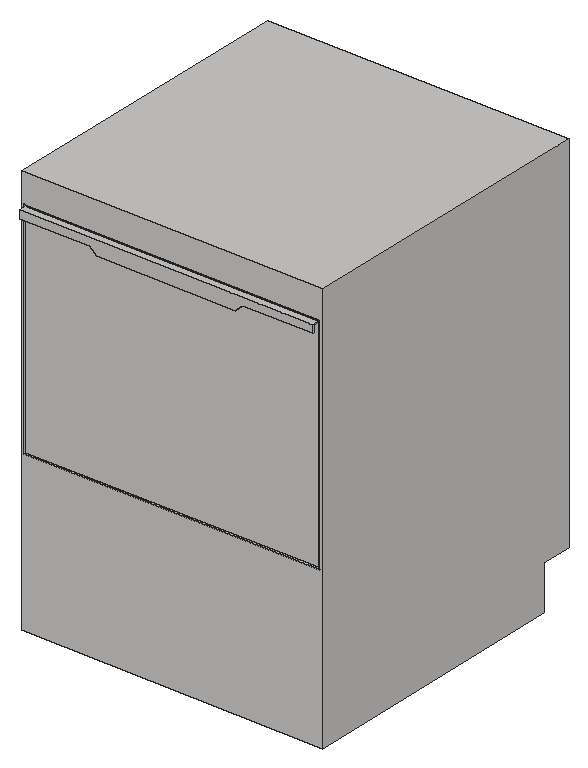
Revit family "QF_ELECTROLUXPROFESSIONAL_400258_NL3PPR", category Specialty Equipment, Revit 2018
Family settings
  Round Connector Dimension = Use Diameter
  Part Type = Normal
  Work Plane-Based = No
  Always vertical = Yes
  Cut with Voids When Loaded = No
  Shared = No
  Room Calculation Point = No
Parameters (values of type "Standard")
  Weight = 54.00 kg
  Watts = 0 W
  Volts = 400 V
  URL Manufacturer = "http://professional.electrolux.com"
  URL = "http://professional.electrolux.com"
  Steam Supply Size = 0 mm
  Steam Supply Minimum Pressure = 0.0 Pa
  Steam Supply Maximum Pressure = 0.0 Pa
  Steam Pounds per Hour = 0
  Show Logo [instance] = yes
  Show Clearance [instance] = yes
  Refrigeration Suction Line Size = 0 mm
  Refrigeration Liquid Line Size = 0 mm
  Refrigerant Compressor Remote = yes
  Manufacturer = "Electrolux Professional"
  Phase = 3
  Model = "NL3PPR"
  Length Actual = 600 mm  # constant formula
  Item Number = "400258"
  Hot Water Size = 19.05 mm
  Height Actual = 820 mm  # constant formula
  HP = "7.2 HP"
  Gas Size = 0 mm
  Gas KW = 0
  Gas Input Pressure = 0 W
  Direct Waste Size = 20.5 mm
  Description = "UNDERC.DW+POWER B+DRAIN PUMP,3PH,540D/H"
  Depth Actual = 648 mm  # constant formula
  Cycle = 50 Hz
  Condensate Return Size = 0 mm
  Compressed Air Volume = 0.0 L/s
  Compressed Air Size = 0 mm
  Compressed Air Pressure = 0.0 Pa
  Cold Water Size = 0 mm
  Accessory = yes
Reference planes
  plane 1 "Center (Front/Back)": y = 0
  plane 2: z = 0
  plane 3 "Center (Left/Right)": x = 0
  plane 4 "LEFT": x = -300
  plane 5 "RIGHT": x = 300
  plane 6 "FRONT": y = -306
  plane 7 "BACK": y = 306
  plane 8: x = -202.5
  plane 9: x = 202.5
  plane 10: z = 830
  plane 11: z = 10
Forms (mm)
  Extrusion 1, solid, material "QF_Finishes_Stainless Steel"
    sketch origin (0, 0, 0) x (1, 0, 0) y (0, 1, 0)
      loop
        line (-300, -306) -> (300, -306) -> (300, 245) -> (-300, 245) -> (-300, -306)
    from 10 to 830
  Extrusion 2, solid, material "QF_Finishes_Stainless Steel"
    sketch origin (0, 0, 0) x (1, 0, 0) y (0, 1, 0)
      loop
        line (-300, 245) -> (300, 245) -> (300, 306) -> (-300, 306) -> (-300, 245)
    from 100 to 830
  Extrusion 3, solid, material "QF_Finishes_Stainless Steel"
    sketch origin (0, 17.5, 0) x (1, 0, 0) y (0, 1, 0)
      loop
        circle (-254, 167.5) r 12.5
      loop
        circle (254, 167.5) r 12.5
      loop
        circle (-254, -263.5) r 12.5
      loop
        circle (254, -263.5) r 12.5
    from 0 to 10
  Extrusion 4, void
    sketch origin (-300, -306, 0) x (-1, 0, 0) y (0, 0, 1)
      loop
        line (-5, 773.217) -> (-595, 773.217) -> (-595, 327.335) -> (-5, 327.335) -> (-5, 773.217)
    from 0 to 30
  Extrusion 5, solid, material "QF_Finishes_Stainless Steel"
    sketch origin (-259, -389, 768) x (0, 0, -1) y (1, 0, 0)
      loop
        circle (693, 143) r 10
    from -634 to -695
  Extrusion 6, solid, material "QF_Door-Drawer Clearances", visible <- "Show Clearance", detail levels coarse
    sketch origin (-230, -282.5, 0) x (0, 1, 0) y (0, 0, -1)
      loop
        line (-23.5, -330.419) -> (-391.5, -330.419)
        arc (-391.5, -330.419) -> (-290.693, -619.855) -> (-23.5, -770) r 432.894
        line (-23.5, -770) -> (-23.5, -330.419)
    from 61.197 to -521.306
  Extrusion 7, solid, material "QF_Finishes_Stainless Steel"
    sketch origin (-315.481, -389, 738) x (0, 0, -1) y (1, 0, 0)
      loop
        circle (663, 252.481) r 8
    from -634 to -695
  Extrusion 8, solid, material "QF_Finishes_Stainless Steel"
    sketch origin (-230, -282.5, 0) x (0, 1, 0) y (0, 0, -1)
      loop
        line (-23.5, -330.419) -> (-23.5, -770) -> (1.5, -770) -> (1.5, -330.419) -> (-23.5, -330.419)
    from 61.197 to -521.306
  Extrusion 9, solid, material "QF_Finishes_Stainless Steel"
    sketch origin (-230, -297.5, 0) x (0, 1, 0) y (0, 0, -1)
      loop
        line (-8.5, -770) -> (-8.5, -767.514) -> (-21, -767.514) -> (-21, -741.25) -> (-23.5, -741.25) -> (-23.5, -770) -> (-8.5, -770)
    from 61.197 to -521.306
  Extrusion 10, void
    sketch origin (-230, -321, 770) x (0, 0, 1) y (1, 0, 0)
      loop
        line (-15.552, -61.197) -> (-15.552, 77.909) -> (-28.75, 91.107) -> (-28.75, -61.197) -> (-15.552, -61.197)
      loop
        line (-15.552, 521.197) -> (-28.75, 521.197) -> (-28.75, 368.893) -> (-15.552, 382.091) -> (-15.552, 521.197)
    from 0 to 2.5
  Extrusion 11, solid, material "QF_Finishes_Stainless Steel"
    sketch origin (-295.988, 885.897, 763.79) x (0, -1, 0) y (1, 0, 0)
      loop
        circle (611.5, 158) r 8
    from -663.79 to -673.79
Cuts and joins
  Extrusion 4 cuts Extrusion 1
  joined: Extrusion 1, Extrusion 2
  Extrusion 10 cuts Extrusion 8
  Extrusion 10 cuts Extrusion 9
Lines and regions (mm)
  Split face 1
    outline origin (-300, -306, 830) x (0, 0, -1) y (1, 0, 0)
      loop
        line (21.579, 283.75) -> (39.683, 283.75) -> (39.683, 316.25) -> (21.579, 316.25) -> (21.579, 283.75)
  Split face 2
    outline origin (-300, -306, 830) x (0, 0, -1) y (1, 0, 0)
      loop
        line (56.783, 595) -> (56.783, 600)
      loop
        arc (56.783, 412.5) -> (28.391, 440.891) -> (0, 412.5) r 28.391
  symbolic lines
    curve 1: line (-300, 306, 0) -> (300, 306, 0)
    curve 2: line (-300, -306, 0) -> (-300, 306, 0)
    curve 3: line (300, -306, 0) -> (-300, -306, 0)
    curve 4: line (300, 306, 0) -> (300, -306, 0)
    curve 9: line (-291.197, -306, 0) -> (-291.197, -321, 0)
    curve 10: line (291.306, -321, 0) -> (291.306, -306, 0)
    curve 11: line (-291.197, -321, 0) -> (291.306, -321, 0)
  symbolic lines, style "QF_Door-Drawer Clearances"
    curve 5: line (-291.197, -674, 0) -> (291.306, -674, 0)
    curve 6: line (291.306, -674, 0) -> (291.306, -306, 0)
    curve 7: line (-291.197, -674, 0) -> (-291.197, -306, 0)
  symbolic lines, style "SpecialityEquipmentHiddenLines"
    curve 8: line (-300, 245, 0) -> (300, 245, 0)
Dimensions and locks
  equal spacing: plane 4 "LEFT", plane 3 "Center (Left/Right)", plane 5 "RIGHT"
  equal spacing: plane 7 "BACK", plane 1 "Center (Front/Back)", plane 6 "FRONT"
  plane 7 "BACK" to plane 6 "FRONT" = 612 mm
  plane 4 "LEFT" to plane 5 "RIGHT" = 600 mm
  plane 4 "LEFT" to plane 8 = 97.5 mm
  plane 9 to plane 5 "RIGHT" = 97.5 mm
  plane 11 to level = 10 mm
  plane 4 "LEFT" to plane 3 "Center (Left/Right)" = 300 mm
  plane 10 to level = 830 mm  (x2)
  plane 8 to plane 9 = 405 mm
  Extrusion 11 sketch curve to plane 4 "LEFT" = 162.012 mm
  level to Extrusion 5 sketch curve = 75 mm
  Extrusion 5 sketch curve to plane 4 "LEFT" = 184 mm
  Extrusion 7 sketch curve to plane 4 "LEFT" = 237 mm
  level to Extrusion 7 sketch curve = 75 mm
  Extrusion 3 to cut or joined group of Extrusion 1, Extrusion 2, Extrusion 4 = 121 mm
  Extrusion 3 to Extrusion 3 = 431 mm
  plane 6 "FRONT" to Extrusion 3 = 60 mm
  plane 9 to plane 8 = 405 mm
  plane 7 "BACK" to curve 5 = 980 mm
  cut or joined group of Extrusion 1, Extrusion 2, Extrusion 4 to level = 327.335 mm
  aligned and locked: level to plane 2
  aligned and locked: Extrusion 1 sketch curve to plane 6 "FRONT"
  aligned and locked: Extrusion 1 sketch curve to plane 4 "LEFT"
  aligned and locked: plane 5 "RIGHT" to Extrusion 1 sketch curve
  aligned and locked: Extrusion 1 to plane 11
  aligned and locked: Extrusion 2 sketch curve to Extrusion 1
  aligned and locked: plane 5 "RIGHT" to Extrusion 2 sketch curve
  aligned and locked: plane 11 to Extrusion 3
  aligned and locked: cut or joined group of Extrusion 9, Extrusion 10 to Extrusion 10
Automatic sketch dimensions
  Extrusion 1 sketch curve to plane 7 "BACK" = 61 mm
  Extrusion 3 sketch curve to plane 8 = 51.5 mm  (x2)
  plane 9 to Extrusion 3 sketch curve = 51.5 mm  (x2)
  plane 6 "FRONT" to Extrusion 3 sketch curve = 60 mm  (x2)
  Extrusion 3 sketch curve to plane 7 "BACK" = 121 mm  (x2)
  Extrusion 4 sketch curve to Extrusion 1 = 5 mm  (x2)
  Extrusion 4 sketch curve to Extrusion 1 = 317.335 mm
  Extrusion 4 sketch curve to Extrusion 1 = 56.783 mm
  plane 6 "FRONT" to Extrusion 8 sketch curve = 0 mm
  Extrusion 8 sketch curve to Extrusion 8 sketch curve = 25 mm
  Extrusion 9 sketch curve to plane 6 "FRONT" = 15 mm
  Extrusion 9 sketch curve to Extrusion 9 sketch curve = 2.5 mm
  Extrusion 9 sketch curve to Extrusion 9 sketch curve = 12.5 mm
  Extrusion 9 sketch curve to plane 10 = 60 mm
  Extrusion 9 sketch curve to Extrusion 9 sketch curve = 2.486 mm
  Extrusion 9 sketch curve to Extrusion 9 sketch curve = 26.264 mm
  Extrusion 2 sketch curve to Extrusion 2 sketch curve = 61 mm
  Split face 1 sketch curve to cut or joined group of Extrusion 1, Extrusion 2, Extrusion 4 = 21.579 mm
  Split face 1 sketch curve to Split face 1 sketch curve = 18.104 mm
  Split face 1 sketch curve to cut or joined group of Extrusion 1, Extrusion 2, Extrusion 4 = 278.75 mm
  Split face 1 sketch curve to Split face 1 sketch curve = 32.5 mm
  plane 11 to Extrusion 8 sketch curve = 320.419 mm
  Extrusion 8 sketch curve to plane 10 = 60 mm
  Extrusion 10 sketch curve to Extrusion 9 = 0 mm  (x2)
  Extrusion 9 to Extrusion 10 sketch curve = 0 mm
  Extrusion 10 sketch curve to Extrusion 9 = 13.198 mm  (x2)
  Extrusion 10 sketch curve to Extrusion 9 = 139.107 mm
  Extrusion 10 sketch curve to Extrusion 10 sketch curve = 13.198 mm  (x2)
  Extrusion 10 sketch curve to Extrusion 9 = 152.413 mm
  Extrusion 10 sketch curve to Extrusion 9 = 0.109 mm
  curve 3 to plane 4 "LEFT" = 0 mm
  curve 7 to plane 6 "FRONT" = 0 mm
  curve 4 to plane 5 "RIGHT" = 0 mm
  curve 2 to plane 7 "BACK" = 0 mm
  plane 4 "LEFT" to curve 5 = 8.803 mm
  curve 5 to plane 5 "RIGHT" = 8.694 mm
  plane 4 "LEFT" to curve 11 = 8.803 mm
  curve 10 to plane 5 "RIGHT" = 8.694 mm
  curve 11 to plane 6 "FRONT" = 15 mm
  curve 8 to plane 7 "BACK" = 61 mm
  Extrusion 2 sketch curve to plane 7 "BACK" = 0 mm
  Split face 2 sketch curve to cut or joined group of Extrusion 1, Extrusion 2, Extrusion 4 = 0 mm  (x5)
  Split face 2 sketch curve to cut or joined group of Extrusion 1, Extrusion 2, Extrusion 4 = 182.5 mm
  Extrusion 11 sketch curve to plane 7 "BACK" = 31.603 mm
  Extrusion 6 sketch curve to plane 6 "FRONT" = 0 mm
  plane 6 "FRONT" to Extrusion 6 sketch curve = 64.74 mm
  plane 11 to Extrusion 6 sketch curve = 331.974 mm
  Extrusion 6 sketch curve to Extrusion 6 sketch curve = 11.555 mm
  Extrusion 6 sketch curve to plane 6 "FRONT" = 368 mm
  radius of Extrusion 5 sketch curve = 10 mm
  radius of Extrusion 7 sketch curve = 8 mm
  radius of Extrusion 3 sketch curve = 12.5 mm  (x4)
  radius of Extrusion 11 sketch curve = 8 mm
Connectors
  piping at (-116, 306, 75), diameter 20
    settings: on Extrusion 5, index 1, connector inside diameter 609.6 mm, connector length 0 mm, flow factor 0, pipe flow 0.0 L/s, pressure drop 0.0 Pa, fitting loss kfactor 0, connector angle 0.00°, fixture units 0, engagement length 0 mm, angle of deflection 0.00°, flow configuration 1, flow direction 1, fitting loss method 0, system type 16, joint type 0, gender type 0, connector reference index -1, connector utility 0, adjustable connector no, is connector primary yes, connector description "Drain"
  piping at (-63, 306, 75), diameter 16
    settings: on Extrusion 7, index 3, connector inside diameter 609.6 mm, connector length 0 mm, flow factor 0, pipe flow 0.0 L/s, pressure drop 0.0 Pa, fitting loss kfactor 0, connector angle 0.00°, fixture units 0, engagement length 0 mm, angle of deflection 0.00°, flow configuration 1, flow direction 1, fitting loss method 0, system type 20, joint type 0, gender type 0, connector reference index -1, connector utility 0, adjustable connector no, is connector primary no, connector description "Cold Water Inlet"
  electrical at (-137.988, 274.397, 90), driven by "Volts"
    settings: on Extrusion 11, index 4, voltage 400 V, apparent load 0 VA, apparent load phase1 0 VA, apparent load phase2 0 VA, apparent load phase3 0 VA, power factor 1, load classification "Altro", number of poles 1, system type 31, power factor state 1, is connector primary yes, connector utility no, sub classification motor no, connector description "Electrical Connection"
